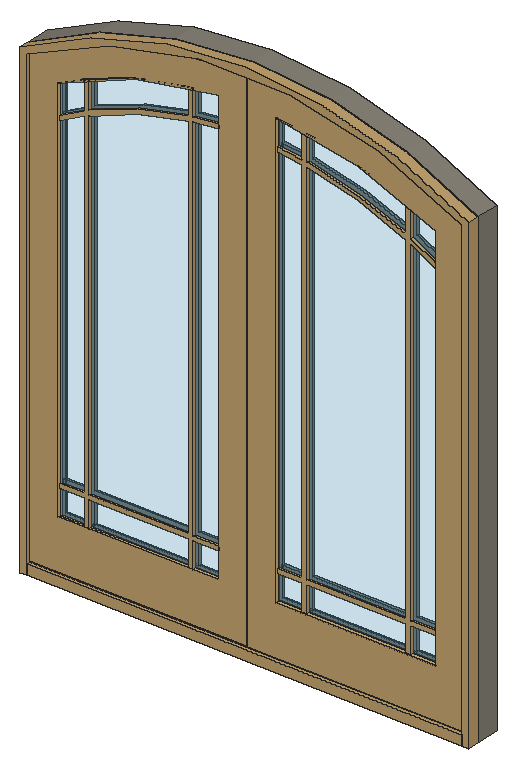
Revit family "Door-Entry-Marvin-Inswing_2_Panel_French_Door_Arch_Top-Ultimate", category Doors, host Wall, Revit 2015
Parameters (values of type "UIFDAT6070")
  t_calc = sqrt(Radius ^ 2 - Width ^ 2 / 4)  # 5' - 2.17236"
  t2_calc = sqrt(DLO Radius ^ 2 - (Width - 0' 11 7/8") ^ 2 / 4)  # 4' - 10.66526"
  h_calc = Radius - t_calc  # 0' - 9.82764"
  h2_calc = DLO Radius - t2_calc  # 0' - 7.39724"
  URL = "www.marvin.com"
  Thickness = 0' - 1 3/4"
  Sill Material = Fiberglass_Pultrusion-Marvin-Beige
  Rough Width = Width + 0' 1"  # 6' - 1 5/8"
  Rough Height = Height + 0' 0 1/2"  # 7' - 2 1/2"
  Radius = 6' - 0"
  RO Radius = Radius + 0' 0 1/2"  # 6' - 0 1/2"
  Prairie Corner Width = 0' - 4"
  Prairie Corner Height = 0' - 4"
  Plan Swing Angle [instance] = 90.00°
  Panel Width = (Width - 0' 2 1/2") / 2  # 2' - 11 1/16"
  Nominal Width = 6' - 0"
  Nominal Height = 7' - 0"
  Muntins Interior Visibility = yes
  Muntins Interior Material = Wood-Marvin-Pine
  Muntins Exterior Visibility = yes
  Muntins Exterior Material = Aluminum-Marvin-Bronze
  Model = "UIFDAT6070"
  Mask Offset [instance] = if(Inset to Installation Flange = 0' 1 3/32", 0' 0 1/32", 0' 0")  # 0' - 0"
  Mask [instance] = Inset to Installation Flange > 0' 1 3/32"  # no
  Manufacturer = "Marvin Windows and Doors"
  Lites Wide = 3
  Lites High = 5
  Lite Cut Prairie 9 = yes
  Lite Cut HV Grid = not(Lite Cut Prairie 9)  # no
  Label Visibility = no
  Jamb Extension Visibility = no
  Interior Material = Wood-Marvin-Pine
  Inset to Installation Flange [instance] = 0' - 1"
  Height = if(Nominal Height = 6' 6", Nominal Height + 0' 1 1/2", if(Nominal Height = 8' 0", Nominal Height - 0' 0 1/2", Nominal Height + 0' 2"))  # 7' - 2"
  Wall Closure = By host
  Width = Nominal Width + 0' 0 5/8"  # 6' - 0 5/8"
  Glazing Material = Glass-Marvin-IG Low E II with Argon
  Glass Type = "IG Low E II with Argon"
  Function = Exterior
  Frame = "Aluminum Clad"
  FS Springline = Height - h_calc  # 6' - 4.17236"
  Door Type = "Ultimate Inswing French Door Arch Top"
  Design Pressure = "DP40"
  Description = "7284 AT FR DOOR"
  Daylight Area_calc = ((DLO Radius ^ 2) * ((3.1416 / 180) * Angle_calc2 - sin(Angle_calc))) / 2  # 2.10493 SF
  Daylight Area = (Daylight Area_calc - (h2_calc * 0' 9 5/8")) + ((DLO Width * (DLO Height - h2_calc)) * 2)  # 23.9083 SF
  DLO Width = (Width - 1' 9 7/16") / 2  # 2' - 1 19/32"
  DLO Radius = Radius - 0' 5 15/16"  # 5' - 6 1/16"
  DLO Height = Height - 1' 3 7/8"  # 5' - 10 1/8"
  Cladding Material = Aluminum-Marvin-Bronze
  Assembly Code = ""
  Angle_calc2 = (Angle_calc / 1.00°)  # 54.7474
  Angle_calc = 2 * (atan(((Width - 0' 11 7/8") / 2) / t2_calc))  # 54.7474°
Reference planes (in)
  plane 1 "Center (Front/Back)": y = 0
  plane 2 "Center (Left/Right)": x = 0
  plane 3 "Left": x = -36.3125
  plane 4 "Right": x = 36.3125
  plane 5 "Top": z = 86
  plane 6 "Exterior": y = 3
  plane 7 "Interior": y = -3
  plane 8 "Inset": y = 2
  plane 9 "Glazing": y = -0.71875
  plane 10: x = -30.375
  plane 11: x = 30.375
  plane 12: z = 80.0625
  plane 13: z = 9.96875
  plane 14 "Jamb Ext Face": y = -2.5625
  plane 15: x = -0.0625
  plane 16: x = 0.0625
  plane 17: x = 4.8125
  plane 18: x = -4.8125
  plane 19: x = -17.59375
  plane 20: x = 17.59375
  plane 21: z = 76.17236
  plane 22: y = -2.59375
Forms (in)
  Sweep 1, solid, material "Aluminum-Marvin-Bronze" <- "Cladding Material"
    path origin (0, -0.71875, 0) x (1, 0, 0) y (0, 0, 1)
      loop
        line (-1.125, 4.03125) -> (36.3125, 4.03125) -> (36.3125, 76.17236)
        arc (36.3125, 76.17236) -> (18.26588, 83.64451) -> (-1.125, 85.99121) r 72
        line (-1.125, 85.99121) -> (-1.125, 4.03125)
    profile "Clad_Panel : Clad_Panel" origin (-1.125, -0.71875, 45.01123) x (-1, 0, 0) y (0, -1, 0)
      loop
        line (-1.1875, 0) -> (-5.9375, 0) -> (-5.9375, -0.05719) -> (-5.72946, -0.26523) -> (-5.72946, -0.4375) -> (-1.1875, -0.4375) -> (-1.1875, 0)
  Sweep 2, solid, material "Wood-Marvin-Pine" <- "Interior Material"
    path origin (0, -0.71875, 0) x (1, 0, 0) y (0, 0, 1)
      loop
        line (-1.125, 85.99121) -> (-1.125, 4.03125) -> (36.3125, 4.03125) -> (36.3125, 76.17236)
        arc (36.3125, 76.17236) -> (18.26588, 83.64451) -> (-1.125, 85.99121) r 72
    profile "Int_Panel : Int_Panel" origin (-1.125, -0.71875, 45.01123) x (1, 0, 0) y (0, -1, 0)
      loop
        line (1.1875, 1.3125) -> (1.1875, 0) -> (5.21266, 0) -> (5.21266, 0.82511) -> (5.9375, 0.82511) -> (5.9375, 0.97108) -> (5.74041, 1.3125) -> (1.1875, 1.3125)
  Sweep 3, solid, material "Aluminum-Marvin-Bronze" <- "Cladding Material"
    path origin (0, -0.71875, 0) x (1, 0, 0) y (0, 0, 1)
      loop
        line (-36.3125, 0) -> (-36.3125, 76.17236)
        arc (-36.3125, 76.17236) -> (0, 86) -> (36.3125, 76.17236) r 72
        line (36.3125, 76.17236) -> (36.3125, 0)
    profile "Clad_Frame : Clad_Frame" origin (-36.3125, -0.71875, 38.08618) x (-1, 0, 0) y (0, -1, 0)
      loop
        line (0, -3.8125) -> (0, 0) -> (-1.06374, 0) -> (-1.06374, -0.53244) -> (-1.77792, -0.53244)
        arc (-1.77792, -0.53244) -> (-1.63018, -1.76415) -> (-1.51551, -2.99937) r 46.27589
        line (-1.51551, -2.99937) -> (-0.93767, -2.99937) -> (-0.93767, -3.10585) -> (-0.67848, -3.10585) -> (-0.67848, -3.8125) -> (0, -3.8125)
  Sweep 4, solid, material "Wood-Marvin-Pine" <- "Interior Material"
    path origin (0, -0.71875, 0) x (1, 0, 0) y (0, 0, 1)
      loop
        line (-36.3125, 0) -> (-36.3125, 76.17236)
        arc (-36.3125, 76.17236) -> (0, 86) -> (36.3125, 76.17236) r 72
        line (36.3125, 76.17236) -> (36.3125, 0)
    profile "Int_Frame : Int_Frame" origin (-36.3125, -0.71875, 38.08618) x (-1, 0, 0) y (0, -1, 0)
      loop
        line (0, 0) -> (0, 1.84375) -> (-1.06374, 1.84375) -> (-1.06374, 0) -> (0, 0)
  Sweep 5, solid, material "Fiberglass_Pultrusion-Marvin-Beige" <- "Sill Material"
    path origin (0, 2, 0) x (1, 0, 0) y (0, 0, 1)
      loop
        line (35.63402, 0) -> (-35.63402, 0)
    profile "Sill : Sill" origin (0, 2, 0) x (0, 0, -1) y (0, -1, 0)
      loop
        line (-0.45122, -1.09375) -> (0, -1.09375) -> (0, 3.9375) -> (-1.61915, 3.9375) -> (-1.61915, 1.78125) -> (-0.75338, 1.78125) -> (-0.45122, -1.09375)
  Extrusion 6, solid, material "Aluminum-Marvin-Bronze" <- "Cladding Material"
    sketch origin (0, 0, 0) x (0, 1, 0) y (0, 0, 1)
      loop
        line (-0.28125, 5.21875) -> (-0.71875, 5.21875) -> (-0.71875, 1.8125) -> (-0.28125, 1.8125) -> (-0.28125, 5.21875)
    from 0.0625 to 35.125
  Extrusion 7, solid, material "Wood-Marvin-Pine" <- "Interior Material"
    sketch origin (0, 0, 0) x (0, 1, 0) y (0, 0, 1)
      loop
        line (-0.71875, 5.21875) -> (-2.03125, 5.21875) -> (-2.03125, 1.8125) -> (-0.71875, 1.8125) -> (-0.71875, 5.21875)
    from 0.0625 to 35.125
  Extrusion 8, solid, material "Wood-Marvin-Pine" <- "Interior Material", visible <- "Jamb Extension Visibility", detail levels medium+fine
    sketch origin (0, -2.5625, 0) x (1, 0, 0) y (0, 0, 1)
      loop
        line (-36.3125, 0) -> (-35.625, 0) -> (-35.625, 75.77601)
        arc (-35.625, 75.77601) -> (0, 85.3121) -> (35.625, 75.77601) r 71.3121
        line (35.625, 75.77601) -> (35.625, 0) -> (36.3125, 0) -> (36.3125, 76.17236)
        arc (36.3125, 76.17236) -> (0, 86) -> (-36.3125, 76.17236) r 72
        line (-36.3125, 76.17236) -> (-36.3125, 0)
    from 0.03125 to 0.4375
  Extrusion 9, solid, material "Glass-Marvin-IG Low E II with Argon" <- "Glazing Material"
    sketch origin (0, -0.71875, 0) x (1, 0, 0) y (0, 0, 1)
      loop
        line (31, 9.34375) -> (31, 73.15698)
        arc (31, 73.15698) -> (17.98885, 78.31912) -> (4.1875, 80.65593) r 66.78734
        line (4.1875, 80.65593) -> (4.1875, 9.34375) -> (31, 9.34375)
      loop
        line (-4.1875, 9.34375) -> (-4.1875, 80.65593)
        arc (-4.1875, 80.65593) -> (-17.98885, 78.31912) -> (-31, 73.15698) r 66.78734
        line (-31, 73.15698) -> (-31, 9.34375) -> (-4.1875, 9.34375)
    from 0 to 0.125
  Extrusion 10, solid, material "Glass-Marvin-IG Low E II with Argon" <- "Glazing Material"
    sketch origin (0, -0.71875, 0) x (1, 0, 0) y (0, 0, 1)
      loop
        line (31, 9.34375) -> (31, 73.15698)
        arc (31, 73.15698) -> (17.98885, 78.31912) -> (4.1875, 80.65593) r 66.78734
        line (4.1875, 80.65593) -> (4.1875, 9.34375) -> (31, 9.34375)
      loop
        line (-31, 9.34375) -> (-4.1875, 9.34375) -> (-4.1875, 80.65593)
        arc (-4.1875, 80.65593) -> (-17.98885, 78.31912) -> (-31, 73.15698) r 66.78734
        line (-31, 73.15698) -> (-31, 9.34375)
    from 0.65625 to 0.78125
  Extrusion 11, solid, material "Wood-Marvin-Pine" <- "Interior Material"
    sketch origin (0, 0, 0) x (0, 1, 0) y (0, 0, 1)
      loop
        line (-1.9375, 1.625) -> (-2.5625, 1.625) -> (-2.5625, 0) -> (-1.9375, 0) -> (-1.9375, 1.625)
    from -35.24876 to 35.24876
  Sweep 12, solid, material "Aluminum-Marvin-Bronze" <- "Cladding Material"
    path origin (0, -0.71875, 0) x (-1, 0, 0) y (0, 0, 1)
      loop
        line (-1.125, 4.03125) -> (36.3125, 4.03125) -> (36.3125, 76.17236)
        arc (36.3125, 76.17236) -> (18.26588, 83.64451) -> (-1.125, 85.99121) r 72
        line (-1.125, 85.99121) -> (-1.125, 4.03125)
    profile "Clad_Panel : Clad_Panel" origin (1.125, -0.71875, 45.01123) x (-1, 0, 0) y (0, -1, 0)
      loop
        line (1.1875, 0) -> (1.1875, -0.4375) -> (5.72946, -0.4375) -> (5.72946, -0.26523) -> (5.9375, -0.05719) -> (5.9375, 0) -> (1.1875, 0)
  Sweep 13, solid, material "Wood-Marvin-Pine" <- "Interior Material"
    path origin (0, -0.71875, 0) x (-1, 0, 0) y (0, 0, 1)
      loop
        line (-1.125, 85.99121) -> (-1.125, 4.03125) -> (36.3125, 4.03125) -> (36.3125, 76.17236)
        arc (36.3125, 76.17236) -> (18.26588, 83.64451) -> (-1.125, 85.99121) r 72
    profile "Int_Panel : Int_Panel" origin (1.125, -0.71875, 45.01123) x (1, 0, 0) y (0, -1, 0)
      loop
        line (-1.1875, 1.3125) -> (-5.74041, 1.3125) -> (-5.9375, 0.97108) -> (-5.9375, 0.82511) -> (-5.21266, 0.82511) -> (-5.21266, 0) -> (-1.1875, 0) -> (-1.1875, 1.3125)
  Extrusion 14, solid, material "Wood-Marvin-Pine" <- "Interior Material"
    sketch origin (0, 0, 0) x (0, 1, 0) y (0, 0, -1)
      loop
        line (-0.71875, -5.21875) -> (-0.71875, -1.8125) -> (-2.03125, -1.8125) -> (-2.03125, -5.21875) -> (-0.71875, -5.21875)
    from 0.0625 to 35.125
  Extrusion 15, solid, material "Aluminum-Marvin-Bronze" <- "Cladding Material"
    sketch origin (0.125, 0, 0) x (0, 1, 0) y (0, 0, -1)
      loop
        line (-0.28125, -5.21875) -> (-0.28125, -1.8125) -> (-0.71875, -1.8125) -> (-0.71875, -5.21875) -> (-0.28125, -5.21875)
    from 0.1875 to 35.25
  Sweep 16, solid, material "Aluminum-Marvin-Bronze" <- "Cladding Material"
    path in 3D
      loop
        line (-0.0625, -0.28125, 1.8125) -> (-0.0625, -0.28125, 84.81247)
    profile "Mtg_Stile : Mtg_Stile" origin (-0.0625, -0.28125, 43.31249) x (0, -1, 0) y (1, 0, 0)
      loop
        line (0, 0.71385) -> (-0.9637, 0.61256) -> (-1.13979, 0.37874) -> (-1.594, 0.25704) -> (-1.594, -0.62233) -> (-1.15549, -0.73983) -> (-0.9773, -0.97643) -> (0, -1.07915) -> (0, 0.71385)
Cuts and joins
  joined: Sweep 1, Extrusion 6
  joined: Sweep 2, Extrusion 7
  joined: Sweep 13, Extrusion 14
  joined: Sweep 12, Extrusion 15
Lines and regions (in)
  Opening 1
    outline origin (-90, -3, 0) x (1, 0, 0) y (0, 0, 1)
      loop
        line (53.6875, 0) -> (126.3125, 0) -> (126.3125, 76.17236)
        arc (126.3125, 76.17236) -> (90, 86) -> (53.6875, 76.17236) r 72
        line (53.6875, 76.17236) -> (53.6875, 0)
  Masking region 1
    outline origin (0, 0, 0) x (0, 1, 0) y (0, 0, 1)
      loop
        line (3.09375, 86) -> (-2.5625, 86) -> (-2.5625, 0) -> (3.09375, 0) -> (3.09375, 86)
  Masking region 2, visible <- "Mask"
    outline origin (0, 0, 0) x (0, 1, 0) y (0, 0, 1)
      loop
        line (3.09375, 86) -> (3, 86) -> (3, 0) -> (3.09375, 0) -> (3.09375, 86)
  Masking region 3, visible <- "Jamb Extension Visibility"
    outline origin (0, 0, 0) x (1, 0, 0) y (0, 1, 0)
      loop
        line (-36.3125, -2.59375) -> (-36.3125, -3) -> (-35.625, -3) -> (-35.625, -2.59375) -> (-36.3125, -2.59375)
      loop
        line (36.3125, -2.59375) -> (35.625, -2.59375) -> (35.625, -3) -> (36.3125, -3) -> (36.3125, -2.59375)
  Masking region 4
    outline origin (0, 0, 0) x (0, 1, 0) y (0, 0, 1)
      loop
        line (-2.59375, 86) -> (-3, 86) -> (-3, 0) -> (-2.59375, 0) -> (-2.59375, 86)
  symbolic lines, style "DoorsFrameMullionProjection", visible <- "Jamb Extension Visibility", detail levels coarse+medium
    curve 1: line (-36.3125, -3, 0) -> (-35.625, -3, 0)
    curve 2: line (-35.625, -3, 0) -> (-35.625, -2.59375, 0)
    curve 3: line (36.3125, -3, 0) -> (35.625, -3, 0)
    curve 4: line (35.625, -3, 0) -> (35.625, -2.59375, 0)
    curve 7: line (0, -2.59375, 85.3125) -> (0, -3, 85.3125)
    curve 8: line (0, -3, 85.3125) -> (0, -3, 86)
  symbolic lines, style "Jamb Extension", visible <- "Jamb Extension Visibility", detail levels fine
    curve 5: line (0, -2.59375, 85.3125) -> (0, -3, 85.3125)
    curve 6: line (0, -3, 85.3125) -> (0, -3, 86)
  symbolic lines, style "DoorsFrameMullionProjection", detail levels coarse+medium
    curve 9: line (0, 3.09375, 86) -> (0, 3.09375, 84.93626)
    curve 10: line (0, 3.09375, 84.93626) -> (0, -2.5625, 84.93626)
    curve 11: line (0, -2.5625, 84.93626) -> (0, -2.5625, 86)
    curve 20: line (0, -0.28125, 80.0625) -> (0, -0.28125, 9.96875)
    curve 21: line (0, -2.03125, 80.0625) -> (0, -2.03125, 9.96875)
    curve 24: line (0, 3.09375, 0.45122) -> (0, 0.21875, 0.75338)
    curve 25: line (0, 0.21875, 1.625) -> (0, 0.21875, 0.75338)
    curve 26: line (0, 0.21875, 1.625) -> (0, -2.56948, 1.625)
    curve 27: line (0, -2.56948, 0) -> (0, -2.56948, 1.625)
    curve 28: line (0, 3.09375, 0) -> (0, 3.09375, 0.45122)
    curve 29: line (0, 3.09375, 0) -> (0, -2.56948, 0)
  symbolic lines, style "DoorsPanelProjection", detail levels coarse+medium
    curve 12: line (0, -0.28125, 80.0625) -> (0, -0.28125, 84.93626)
    curve 13: line (0, -2.03125, 80.0625) -> (0, -0.28125, 80.0625)
    curve 14: line (0, -2.03125, 84.93626) -> (0, -2.03125, 80.0625)
    curve 15: line (0, -0.28125, 9.96875) -> (0, -2.03125, 9.96875)
    curve 16: line (0, -0.28125, 1.8125) -> (0, -0.28125, 9.96875)
    curve 17: line (0, -2.03125, 1.8125) -> (0, -0.28125, 1.8125)
    curve 18: line (0, -2.03125, 9.96875) -> (0, -2.03125, 1.8125)
  symbolic lines, style "DoorsGlassProjection", detail levels coarse+medium
    curve 19: line (0, -1.15625, 9.96875) -> (0, -1.15625, 80.0625)
  symbolic lines, style "Elevation Swing"
    curve 22: line (0, -0.71875, 1.73908) -> (35.125, -0.71875, 43)
    curve 23: line (35.125, -0.71875, 43) -> (0, -0.71875, 84.90841)
    curve 30: line (0, -0.71875, 1.73908) -> (-35.125, -0.71875, 43)
    curve 31: line (-35.125, -0.71875, 43) -> (0, -0.71875, 84.90841)
  sketch lines
    curve 32: line (-0.0625, -0.28125, 1.8125) -> (-0.0625, -0.28125, 84.81247)
  reference lines
    curve 33: arc (36.3125, 3, 76.17236) -> (0, 3, 86) -> (-36.3125, 3, 76.17236) r 72
Text (in)
  text "Exterior" at (-74.96733, 27.31104, 0), in view "Ref. Level"
  text "Interior" at (-74.96733, -25.14366, 0), in view "Ref. Level"
  text "Exterior" at (0, 40.15149, 123.01588), in view "Right"
  text "Interior" at (0, -64.39139, 123.01588), in view "Right"
  text "Interior" at (0, -31.01599, 123.00693), in view "Left"
  text "Exterior" at (0, 54.57065, 123.00693), in view "Left"
Dimensions and locks (in)
  equal spacing: plane 3 "Left", plane 2 "Center (Left/Right)", plane 4 "Right"
  "Height": level to plane 5 "Top"
  "Width": plane 3 "Left" to plane 4 "Right"
  locked: plane 11 to plane 4 "Right" at 5.9375
  locked: plane 3 "Left" to plane 10 at 5.9375
  locked: plane 12 to plane 5 "Top" at 5.9375
  locked: level to plane 13 at 9.96875
  locked: Extrusion 6 sketch curve to Sweep 1 at 3.40625
  locked: Extrusion 7 sketch curve to Sweep 2 at 3.40625
  locked: Extrusion 8 sketch curve to plane 4 "Right" at 0.6875
  locked: plane 3 "Left" to Extrusion 8 sketch curve at 0.6875
  locked: Extrusion 9 sketch curve to plane 13 at 0.625
  locked: plane 11 to Extrusion 9 sketch curve at 0.625
  locked: Extrusion 10 sketch curve to plane 13 at 0.625
  locked: plane 11 to Extrusion 10 sketch curve at 0.625
  locked: plane 9 "Glazing" to Extrusion 9 at 0.125
  locked: plane 9 "Glazing" to Extrusion 10 at 0.78125
  locked: plane 9 "Glazing" to Extrusion 10 at 0.65625
  locked: Extrusion 10 to Extrusion 10 at 0.125
  "Inset to Installation Flange": host wall to plane 8 "Inset"
  locked: plane 9 "Glazing" to plane 8 "Inset" at 2.71875
  locked: plane 14 "Jamb Ext Face" to plane 8 "Inset" at 4.5625
  locked: nested 2 to host wall at 12
  locked: Extrusion 11 sketch curve to level at 1.625
  plane 15 to plane 2 "Center (Left/Right)" to plane 16 = 0' - 0 1/16", 0' - 0 1/16"
  locked: plane 17 to plane 16 at 4.75
  locked: plane 15 to plane 18 at 4.75
  locked: plane 17 to Extrusion 9 sketch curve at 0.625
  locked: plane 17 to Extrusion 10 sketch curve at 0.625
  equal spacing: plane 18, plane 19, plane 10
  equal spacing: plane 17, plane 20, plane 11
  equal spacing: level, curve 23, plane 5 "Top"
  locked: Extrusion 14 sketch curve to Extrusion 14 sketch curve at 3.40625
  locked: Extrusion 15 sketch curve to Extrusion 15 sketch curve at 3.40625
  locked: Extrusion 10 sketch curve to plane 18 at 0.625
  locked: Extrusion 10 sketch curve to plane 10 at 0.625
  locked: Extrusion 9 sketch curve to plane 18 at 0.625
  locked: Extrusion 9 sketch curve to plane 10 at 0.625
  equal spacing: level, curve 31, plane 5 "Top"
  "FS Springline": level to plane 21
  locked: Sweep 1 sketch curve to plane 13 at 5.9375
  locked: plane 17 to Sweep 1 sketch curve at 5.9375
  locked: Sweep 12 sketch curve to plane 13 at 5.9375
  locked: Sweep 12 sketch curve to plane 18 at 5.9375
  locked: Sweep 2 sketch curve to plane 13 at 5.9375
  locked: plane 17 to Sweep 2 sketch curve at 5.9375
  locked: Sweep 13 sketch curve to plane 18 at 5.9375
  locked: Sweep 13 sketch curve to plane 13 at 5.9375
  locked: nested 5 to plane 9 "Glazing" at 0.8125
  locked: nested 4 to plane 9 "Glazing" at 0.8125
  locked: curve 7 to plane 5 "Top" at 0.6875
  "Mask Offset": Masking region 2 sketch curve to host wall
  locked: plane 22 to plane 14 "Jamb Ext Face" at 0.03125
  "Radius": radius of curve 33
  aligned and locked: plane 3 "Left" to Opening 1 sketch curve
  aligned and locked: Opening 1 sketch curve to plane 4 "Right"
  aligned and locked: Opening 1 sketch curve to level
  aligned and locked: plane 6 "Exterior" to host wall
  aligned and locked: plane 7 "Interior" to host wall
  aligned and locked: plane 3 "Left" to Sweep 3 sketch curve
  aligned and locked: level to Sweep 3 sketch curve  (x2)
  aligned and locked: Sweep 3 sketch curve to plane 4 "Right"
  aligned and locked: plane 3 "Left" to Sweep 4 sketch curve
  aligned and locked: level to Sweep 4 sketch curve  (x2)
  aligned and locked: Sweep 4 sketch curve to plane 4 "Right"
  aligned and locked: level to nested 1
  aligned and locked: nested 1 to plane 8 "Inset"
  aligned and locked: Sweep 5 sketch curve to level
  aligned and locked: Extrusion 6 sketch curve to Sweep 1  (x2)
  aligned and locked: Extrusion 6 sketch curve to plane 9 "Glazing"
  aligned and locked: Sweep 1 to Extrusion 6
  aligned and locked: Extrusion 6 to Sweep 1
  aligned and locked: Sweep 2 to Extrusion 7 sketch curve
  aligned and locked: plane 9 "Glazing" to Extrusion 7 sketch curve
  aligned and locked: Extrusion 7 sketch curve to Sweep 2
  aligned and locked: Sweep 2 to Extrusion 7
  aligned and locked: Extrusion 7 to Sweep 2
  aligned and locked: Extrusion 8 sketch curve to plane 3 "Left"
  aligned and locked: plane 4 "Right" to Extrusion 8 sketch curve
  aligned and locked: level to Extrusion 8 sketch curve  (x2)
  aligned and locked: Sweep 3 to Extrusion 8 sketch curve
  aligned and locked: host wall to Extrusion 8
  aligned and locked: Extrusion 9 to plane 9 "Glazing"
  aligned and locked: plane 3 "Left" to curve 1
  aligned and locked: curve 1 to Extrusion 8
  aligned and locked: plane 4 "Right" to curve 3
  aligned and locked: curve 4 to Extrusion 8
  aligned and locked: curve 3 to Extrusion 8
  aligned and locked: Extrusion 8 to curve 6
  aligned and locked: plane 5 "Top" to curve 8
  aligned and locked: plane 14 "Jamb Ext Face" to curve 11
  aligned and locked: curve 13 to plane 12
  aligned and locked: curve 14 to cut or joined group of Sweep 2, Extrusion 7
  aligned and locked: curve 12 to cut or joined group of Sweep 1, Extrusion 6
  aligned and locked: curve 15 to plane 13
  aligned and locked: curve 18 to cut or joined group of Sweep 2, Extrusion 7
  aligned and locked: curve 16 to cut or joined group of Sweep 1, Extrusion 6
  aligned and locked: curve 13 to curve 19
  aligned and locked: curve 15 to curve 19
  aligned and locked: plane 5 "Top" to Masking region 1 sketch curve
  aligned and locked: level to Masking region 1 sketch curve
  aligned and locked: level to Masking region 2 sketch curve
  aligned and locked: plane 5 "Top" to Masking region 2 sketch curve
  aligned and locked: curve 21 to cut or joined group of Sweep 2, Extrusion 7
  aligned and locked: cut or joined group of Sweep 1, Extrusion 6 to curve 22
  aligned and locked: plane 2 "Center (Left/Right)" to nested 2
  aligned and locked: level to Extrusion 11 sketch curve
  aligned and locked: Extrusion 11 sketch curve to plane 14 "Jamb Ext Face"
  aligned and locked: curve 17 to cut or joined group of Sweep 2, Extrusion 7
  aligned and locked: curve 24 to Sweep 5
  aligned and locked: curve 25 to nested 1
  aligned and locked: curve 27 to nested 1
  aligned and locked: curve 28 to Sweep 5
  aligned and locked: Extrusion 14 sketch curve to Sweep 13  (x2)
  aligned and locked: plane 9 "Glazing" to Extrusion 14 sketch curve
  aligned and locked: Extrusion 14 to Sweep 13
  aligned and locked: Sweep 13 to Extrusion 14
  aligned and locked: Extrusion 15 sketch curve to Sweep 12  (x2)
  aligned and locked: Extrusion 15 sketch curve to plane 9 "Glazing"
  aligned and locked: cut or joined group of Sweep 13, Extrusion 14 to Extrusion 15
  aligned and locked: Extrusion 15 to Sweep 12
  aligned and locked: Extrusion 10 sketch curve to Extrusion 10 sketch curve
  aligned and locked: Extrusion 9 sketch curve to Extrusion 9 sketch curve
  aligned and locked: nested 3 to plane 8 "Inset"
  aligned and locked: Masking region 1 sketch curve to Sweep 3
  aligned and locked: Masking region 2 sketch curve to Sweep 3
  aligned and locked: Extrusion 11 sketch curve to Sweep 5
  aligned and locked: curve 9 to Sweep 3
  aligned and locked: Sweep 5 sketch curve to Sweep 3
  aligned and locked: Sweep 3 to Sweep 5 sketch curve
  aligned and locked: Extrusion 11 to Sweep 4  (x2)
  aligned and locked: plane 21 to curve 33  (x2)
  aligned and locked: plane 3 "Left" to curve 33
  aligned and locked: Opening 1 sketch curve to curve 33
  aligned and locked: Sweep 3 sketch curve to host wall
  aligned and locked: Sweep 1 sketch curve to plane 4 "Right"
  aligned and locked: Sweep 1 sketch curve to host wall
  aligned and locked: Sweep 12 sketch curve to plane 3 "Left"
  aligned and locked: Sweep 12 sketch curve to host wall
  aligned and locked: plane 4 "Right" to Sweep 2 sketch curve
  aligned and locked: Sweep 2 sketch curve to host wall
  aligned and locked: plane 3 "Left" to Sweep 13 sketch curve
  aligned and locked: Sweep 13 sketch curve to host wall
  aligned and locked: Extrusion 10 sketch curve to Extrusion 9  (x2)
  aligned and locked: Extrusion 8 sketch curve to host wall
  aligned and locked: Sweep 4 sketch curve to host wall
  aligned and locked: Extrusion 9 sketch curve to cut or joined group of Sweep 2, Extrusion 7
  aligned and locked: Extrusion 9 sketch curve to cut or joined group of Sweep 13, Extrusion 14
  aligned and locked: plane 19 to nested 4
  aligned and locked: nested 5 to plane 20
  aligned and locked: nested 4 to plane 13
  aligned and locked: plane 13 to nested 5
  aligned and locked: plane 20 to nested 6
  aligned and locked: nested 7 to plane 19
  aligned and locked: nested 6 to plane 13
  aligned and locked: plane 13 to nested 7
  aligned and locked: plane 9 "Glazing" to nested 7
  aligned and locked: nested 6 to plane 9 "Glazing"
  aligned and locked: curve 10 to nested 1
  aligned and locked: curve 5 to curve 7
  aligned and locked: nested 3 to plane 2 "Center (Left/Right)"
  aligned and locked: Extrusion 8 to curve 2
  aligned and locked: plane 22 to Masking region 3 sketch curve
  aligned and locked: Masking region 3 sketch curve to plane 3 "Left"
  aligned and locked: Masking region 3 sketch curve to host wall
  aligned and locked: Masking region 3 sketch curve to Extrusion 8  (x2)
  aligned and locked: Masking region 3 sketch curve to plane 22
  aligned and locked: Masking region 3 sketch curve to plane 4 "Right"
  aligned and locked: host wall to Masking region 3 sketch curve
  aligned and locked: Extrusion 8 to curve 4
  aligned and locked: Extrusion 8 to curve 7
  aligned and locked: Extrusion 8 to curve 5
  aligned and locked: Extrusion 8 to plane 22
  aligned and locked: Masking region 1 sketch curve to plane 14 "Jamb Ext Face"
  aligned and locked: plane 5 "Top" to Masking region 4 sketch curve
  aligned and locked: level to Masking region 4 sketch curve
  aligned and locked: plane 22 to Masking region 4 sketch curve
  aligned and locked: Masking region 4 sketch curve to host wall
Automatic sketch dimensions
  curve 23 to plane 2 "Center (Left/Right)" = 0' - 0"
  curve 30 to plane 3 "Left" = 0' - 1 3/16"
  level to curve 22 = 0' - 1.73908"
  plane 5 "Top" to curve 31 = 0' - 1.09159"
  curve 30 to plane 2 "Center (Left/Right)" = 0' - 0"
  Extrusion 8 sketch curve to Extrusion 8 sketch curve = 0' - 0"  (x2)
  Extrusion 8 sketch curve to plane 21 = 0' - 0.39635"
  curve 1 to curve 2 = 0' - 0 11/16"
  curve 29 to level = 0' - 0"
  curve 11 to plane 5 "Top" = 0' - 0"
  plane 9 "Glazing" to curve 19 = 0' - 0 7/16"
  curve 26 to curve 16 = 0' - 0 3/16"
  curve 9 to plane 5 "Top" = 0' - 0"
  curve 33 to plane 2 "Center (Left/Right)" = 0' - 0"
Nested families (in)
  nested 1: "Door_Section_Detail" at (0, 2, 0) x (0, -1, 0) z (1, 0, 0), type "Door_Section_Detail", detail levels fine
  nested 2: "Label Annotation 1-16 w5" at (0, 15, 0), visible <- "Label Visibility", type "Label Annotation 1-16 w5"
  nested 3: "Door_Plan_Detail" at (-54.25, -1.9375, 0) x (-1, 0, 0) z (0, 0, 1), type "Door_Plan_Detail"
  nested 4: "Muntins" at (-17.59375, -1.53125, -26.03125), Muntin Material <- "Muntins Interior Material", visible <- "Muntins Interior Visibility", type "Muntins"
    with Muntin Material Wood-Marvin-Pine
  nested 5: "Muntins" at (17.59375, -1.53125, -26.03125) x (-1, 0, 0) z (0, 0, 1), Muntin Material <- "Muntins Interior Material", visible <- "Muntins Interior Visibility", type "Muntins"
    with Muntin Material Wood-Marvin-Pine
  nested 6: "Muntins" at (17.59375, -0.71875, -26.03125) x (-1, 0, 0) z (0, 0, 1), visible <- "Muntins Exterior Visibility", Muntin Material <- "Muntins Exterior Material", type "Muntins"
    with Muntin Material Aluminum-Marvin-Bronze
  nested 7: "Muntins" at (-17.59375, -0.71875, -26.03125), visible <- "Muntins Exterior Visibility", Muntin Material <- "Muntins Exterior Material", type "Muntins"
    with Muntin Material Aluminum-Marvin-Bronze
Definition of nested family "Muntins"
  Parameters (values of type "Muntins")
    Radius4 = DLO Radius - Prairie Corner Height - MuntinWidth - 0' 0 1/32"  # 5' - 1 9/32"
    Radius3 = DLO Radius - Prairie Corner Height - (MuntinWidth / 2) - 0' 0 1/32"  # 5' - 1 21/32"
    Radius2 = DLO Radius - Prairie Corner Height - 0' 0 1/32"  # 5' - 2 1/32"
    Radius = DLO Radius + (Muntin Extension / 2)  # 5' - 6 9/32"
    PrairieMuntVisible = yes
    Prairie Corner Width = 0' - 4"
    Prairie Corner Height = 0' - 4"
    Muntin Extension = 0' - 0 7/16"
    GridMuntVisible = no
    GlazingWidth = 2' - 1 19/32"
    GlazingHeight = 5' - 10 1/8"
    Width = GlazingWidth + Muntin Extension  # 2' - 2 1/32"
    VerticalMuntins = if(LitesHorizontal < 3, 2, LitesHorizontal - 1)  # 2
    VertMuntVisible = and(GridMuntVisible, LitesHorizontal > 2)  # no
    MuntinWidth = 0' - 0 3/4"
    MuntinDepth [instance] = 0' - 0 3/8"
    Muntin Material [instance] = none
    LitesVertical = 5
    LitesHorizontal = 3
    HorizontalMuntins = if(LitesVertical < 3, 2, LitesVertical - 1)  # 4
    HorizMuntVisible = and(GridMuntVisible, LitesVertical > 2)  # no
    Height = GlazingHeight + Muntin Extension  # 5' - 10 9/16"
    Inset Vert = if(LitesHorizontal < 3, (Width / 3) - (MuntinWidth / 2), (Width / LitesHorizontal) - (MuntinWidth / 2))  # 0' - 8.30208"
    Inset Horiz = if(LitesVertical < 3, (Height / 3) - (MuntinWidth / 2), (Height / LitesVertical) - (MuntinWidth / 2))  # 1' - 1.7375"
    DLO Radius = 5' - 6 1/16"
    CenterMuntinVertical = and(GridMuntVisible, LitesHorizontal = 2)  # no
    CenterMuntinHorizontal = and(GridMuntVisible, LitesVertical = 2)  # no
    Assembly Code = ""
  Reference planes (in)
    plane 1 "Center (Front/Back)": y = 0
    plane 2: z = 0
    plane 3 "Center (Left/Right)": x = 0
    plane 4: z = 35.78125
    plane 5: z = 71.0625
    plane 6: z = 106.34375
    plane 7: z = 92.60625
    plane 8: z = 49.51875
    plane 9: z = 106.125
    plane 10: z = 36
    plane 11: x = -12.79687
    plane 12: x = 12.79688
    plane 13: x = -4.71354
    plane 14: x = -13.01562
    plane 15: x = 13.01563
    plane 16: x = 4.71354
    plane 17: z = 102.125
    plane 18: z = 40
    plane 19: x = -8.79687
    plane 20: x = 8.79688
    plane 21: x = 17.60938
    plane 22: z = 101.75
    plane 23: z = 101.375
    plane 24: z = 40.0625
    plane 25: z = 40.0625
  Forms (in)
    Extrusion 1, solid, material <- "Muntin Material", visible <- "CenterMuntinVertical", detail levels medium+fine
      sketch origin (9, 0, 0) x (1, 0, 0) y (0, 0, 1)
        loop
          line (-9.375, 106.34375) -> (-9.375, 35.78125) -> (-8.625, 35.78125) -> (-8.625, 106.34375) -> (-9.375, 106.34375)
      from 0 to 0.375 <- "MuntinDepth"
    Extrusion 2, solid, material <- "Muntin Material", visible <- "CenterMuntinHorizontal", detail levels medium+fine
      sketch origin (-0.0013, 0, 14.6875) x (1, 0, 0) y (0, 0, 1)
        loop
          line (-13.01432, 56.75) -> (-13.01432, 56) -> (13.01693, 56) -> (13.01693, 56.75) -> (-13.01432, 56.75)
      from 0 to 0.375 <- "MuntinDepth"
    Extrusion 3, solid, material <- "Muntin Material", visible <- "VertMuntVisible", detail levels medium+fine
      sketch origin (4.66146, 0, -2.90625) x (1, 0, 0) y (0, 0, 1)
        loop
          line (-9.375, 109.25) -> (-9.375, 38.6875) -> (-8.625, 38.6875) -> (-8.625, 109.25) -> (-9.375, 109.25)
      from 0 to 0.375 <- "MuntinDepth"
    Extrusion 4, solid, material <- "Muntin Material", visible <- "HorizMuntVisible", detail levels medium+fine
      sketch origin (-2.29948, 0, 46.91875) x (1, 0, 0) y (0, 0, 1)
        loop
          line (-10.71615, 45.6875) -> (-10.71615, 44.9375) -> (15.3151, 44.9375) -> (15.3151, 45.6875) -> (-10.71615, 45.6875)
      from 0 to 0.375 <- "MuntinDepth"
    Extrusion 5, solid, material <- "Muntin Material", visible <- "HorizMuntVisible", detail levels medium+fine
      sketch origin (-2.29948, 0, 4.58125) x (1, 0, 0) y (0, 0, 1)
        loop
          line (-10.71615, 45.6875) -> (-10.71615, 44.9375) -> (15.3151, 44.9375) -> (15.3151, 45.6875) -> (-10.71615, 45.6875)
      from 0 to 0.375 <- "MuntinDepth"
    Extrusion 6, solid, material <- "Muntin Material", visible <- "VertMuntVisible", detail levels medium+fine
      sketch origin (13.33854, 0, -2.90625) x (1, 0, 0) y (0, 0, 1)
        loop
          line (-9.375, 109.25) -> (-9.375, 38.6875) -> (-8.625, 38.6875) -> (-8.625, 109.25) -> (-9.375, 109.25)
      from 0 to 0.375 <- "MuntinDepth"
    Extrusion 7, solid, material <- "Muntin Material", visible <- "PrairieMuntVisible", detail levels medium+fine
      sketch origin (1, 0, 0) x (1, 0, 0) y (0, 0, 1)
        loop
          line (-9.79687, 106.34375) -> (-9.79687, 35.78125) -> (-9.04687, 35.78125) -> (-9.04687, 106.34375) -> (-9.79687, 106.34375)
      from 0 to 0.375 <- "MuntinDepth"
    Extrusion 8, solid, material <- "Muntin Material", visible <- "PrairieMuntVisible", detail levels medium+fine
      sketch origin (17, 0, 0) x (1, 0, 0) y (0, 0, 1)
        loop
          line (-8.95312, 106.34375) -> (-8.95312, 35.78125) -> (-8.20312, 35.78125) -> (-8.20312, 106.34375) -> (-8.95312, 106.34375)
      from 0 to 0.375 <- "MuntinDepth"
    Extrusion 9, solid, material <- "Muntin Material", visible <- "PrairieMuntVisible", detail levels medium+fine
      sketch origin (-0.0013, 0, 28.25) x (1, 0, 0) y (0, 0, 1)
        loop
          arc (-13.01432, 64.89264) -> (-0.45047, 70.37176) -> (13.01693, 72.92133) r 61.28125
          line (13.01693, 72.92133) -> (13.01693, 73.67342)
          arc (13.01693, 73.67342) -> (-0.4381, 71.15993) -> (-13.01432, 65.75678) r 62.03125
          line (-13.01432, 65.75678) -> (-13.01432, 64.89264)
      from 0 to 0.375 <- "MuntinDepth"
    Extrusion 10, solid, material <- "Muntin Material", visible <- "PrairieMuntVisible", detail levels medium+fine
      sketch origin (-0.0013, 0, 1.125) x (1, 0, 0) y (0, 0, 1)
        loop
          line (-13.01432, 39.625) -> (-13.01432, 38.875) -> (13.01693, 38.875) -> (13.01693, 39.625) -> (-13.01432, 39.625)
      from 0 to 0.375 <- "MuntinDepth"
    Extrusion 11, solid, material <- "Muntin Material", visible <- "HorizMuntVisible", detail levels medium+fine
      sketch origin (-2.29948, 0, 32.80625) x (1, 0, 0) y (0, 0, 1)
        loop
          line (-10.71615, 45.6875) -> (-10.71615, 44.9375) -> (15.3151, 44.9375) -> (15.3151, 45.6875) -> (-10.71615, 45.6875)
      from 0 to 0.375 <- "MuntinDepth"
    Extrusion 12, solid, material <- "Muntin Material", visible <- "HorizMuntVisible", detail levels medium+fine
      sketch origin (-2.29948, 0, 18.69375) x (1, 0, 0) y (0, 0, 1)
        loop
          line (-10.71615, 45.6875) -> (-10.71615, 44.9375) -> (15.3151, 44.9375) -> (15.3151, 45.6875) -> (-10.71615, 45.6875)
      from 0 to 0.375 <- "MuntinDepth"
    Extrusion 13, void
      sketch origin (0, 0, 0) x (1, 0, 0) y (0, 0, 1)
        loop
          line (17.60938, 106.34375) -> (-13.01562, 106.34375) -> (-13.01562, 98.84441)
          arc (-13.01562, 98.84441) -> (1.84446, 104.44162) -> (17.60938, 106.34375) r 66.28125
      from 0 to 1
  Cuts and joins
    Extrusion 13 cuts Extrusion 7
    Extrusion 13 cuts Extrusion 8
    joined: Extrusion 7, Extrusion 8, Extrusion 9, Extrusion 10
    Extrusion 13 cuts Extrusion 3
    Extrusion 13 cuts Extrusion 1
    Extrusion 13 cuts Extrusion 6
  Lines and regions (in)
    model lines, visible <- "CenterMuntinHorizontal", detail levels coarse
      curve 1: line (-13.01562, 0, 71.0625) -> (13.01563, 0, 71.0625)
    model lines, visible <- "HorizMuntVisible", detail levels coarse
      curve 2: line (-13.01562, 0, 92.23125) -> (13.01563, 0, 92.23125)
      curve 3: line (-13.01562, 0, 49.89375) -> (13.01563, 0, 49.89375)
      curve 10: line (-13.01562, 0, 78.11875) -> (13.01563, 0, 78.11875)
      curve 11: line (-13.01562, 0, 64.00625) -> (13.01563, 0, 64.00625)
    model lines, visible <- "CenterMuntinVertical", detail levels coarse
      curve 4: line (0, 0, 106.34375) -> (0, 0, 35.78125)
    model lines, visible <- "VertMuntVisible", detail levels coarse
      curve 5: line (-4.33854, 0, 106.34375) -> (-4.33854, 0, 35.78125)
      curve 6: line (4.33854, 0, 106.34375) -> (4.33854, 0, 35.78125)
    model lines, visible <- "PrairieMuntVisible", detail levels coarse
      curve 7: line (-13.01562, 0, 40.375) -> (13.01563, 0, 40.375)
      curve 8: line (-8.42187, 0, 35.78125) -> (-8.42187, 0, 106.34375)
      curve 9: line (8.42188, 0, 35.78125) -> (8.42188, 0, 106.34375)
    reference lines
      curve 12: arc (17.60938, 0, 106.34375) -> (1.96416, 0, 104.47082) -> (-12.79687, 0, 98.95787) r 66.28125
      curve 13: arc (17.60938, 0, 102.09375) -> (1.8935, 0, 100.06989) -> (-12.79687, 0, 94.13038) r 62.03125
      curve 14: arc (17.60938, 0, 101.71875) -> (1.88643, 0, 99.6803) -> (-12.79687, 0, 93.69974) r 61.65625
      curve 15: arc (17.60938, 0, 101.34375) -> (1.8792, 0, 99.29048) -> (-12.79687, 0, 93.26825) r 61.28125
    model lines, detail levels coarse
      curve 16: arc (-12.79688, 0, 93.69974) -> (-0.32513, 0, 99.05273) -> (13.01563, 0, 101.54738) r 61.65625
  Dimensions and locks (in)
    "Inset Horiz": plane 6 to plane 7
    "Inset Horiz": plane 8 to plane 4
    equal spacing: plane 6, plane 5, plane 4
    "Height": plane 6 to plane 4
    "GlazingHeight": plane 9 to plane 10
    equal spacing: plane 9, plane 5, plane 10
    "GlazingWidth": plane 12 to plane 11
    equal spacing: plane 12, plane 3 "Center (Left/Right)", plane 11
    "MuntinWidth": Extrusion 1 sketch curve to Extrusion 1 sketch curve
    "Height": Extrusion 1 sketch curve to Extrusion 1 sketch curve
    "MuntinWidth": Extrusion 2 sketch curve to Extrusion 2 sketch curve
    "Width": Extrusion 2 sketch curve to Extrusion 2 sketch curve
    "MuntinWidth": Extrusion 3 sketch curve to Extrusion 3 sketch curve
    "Height": Extrusion 3 sketch curve to Extrusion 3 sketch curve
    "Width": plane 15 to plane 14
    equal spacing: plane 15, plane 3 "Center (Left/Right)", plane 14
    "Inset Vert": plane 13 to plane 14
    "Inset Vert": plane 15 to plane 16
    "MuntinWidth": Extrusion 4 sketch curve to Extrusion 4 sketch curve
    "Width": Extrusion 4 sketch curve to Extrusion 4 sketch curve
    "MuntinWidth": Extrusion 5 sketch curve to Extrusion 5 sketch curve
    "Width": Extrusion 5 sketch curve to Extrusion 5 sketch curve
    equal spacing: group 2, group 6, group 7, group 3  (x2)
    equal spacing: group 3, group 7, group 6, group 2
    "MuntinWidth": Extrusion 6 sketch curve to Extrusion 6 sketch curve
    "Height": Extrusion 6 sketch curve to Extrusion 6 sketch curve
    group 4 to group 5 = 0' - 8.67708"
    group 4 to group 5 = 0' - 0"  (x2)
    "Prairie Corner Width": plane 19 to plane 11
    "Prairie Corner Width": plane 20 to plane 12
    "Prairie Corner Height": plane 9 to plane 17
    "Prairie Corner Height": plane 18 to plane 10
    "MuntinWidth": Extrusion 7 sketch curve to Extrusion 7 sketch curve
    "Height": Extrusion 7 sketch curve to Extrusion 7 sketch curve
    "MuntinWidth": Extrusion 8 sketch curve to Extrusion 8 sketch curve
    "Height": Extrusion 8 sketch curve to Extrusion 8 sketch curve
    "Width": Extrusion 9 sketch curve to Extrusion 9 sketch curve
    "MuntinWidth": Extrusion 10 sketch curve to Extrusion 10 sketch curve
    "Width": Extrusion 10 sketch curve to Extrusion 10 sketch curve
    "MuntinWidth": Extrusion 11 sketch curve to Extrusion 11 sketch curve
    "Width": Extrusion 11 sketch curve to Extrusion 11 sketch curve
    "MuntinWidth": Extrusion 12 sketch curve to Extrusion 12 sketch curve
    "Width": Extrusion 12 sketch curve to Extrusion 12 sketch curve
    locked: plane 12 to plane 21 at 4.8125
    equal spacing: plane 17, plane 22, plane 23
    "MuntinWidth": plane 17 to plane 23
    "Radius": plane 6 to plane 24
    locked: plane 24 to plane 25
    "Radius": radius of curve 12
    "Radius2": radius of curve 13
    "Radius3": radius of curve 14
    "Radius4": radius of curve 15
    aligned and locked: plane 6 to Extrusion 1  (x2)
    aligned and locked: Extrusion 1 to plane 4  (x3)
    aligned and locked: Extrusion 3 to plane 13  (x5)
    aligned and locked: Extrusion 3 to plane 4  (x3)
    aligned and locked: Extrusion 2 to plane 14
    aligned and locked: plane 15 to Extrusion 2
    aligned and locked: plane 6 to Extrusion 3
    aligned and locked: plane 7 to Extrusion 4
    aligned and locked: Extrusion 4 to plane 14
    aligned and locked: plane 15 to Extrusion 4
    aligned and locked: curve 1 to plane 5
    aligned and locked: plane 14 to curve 1
    aligned and locked: plane 15 to curve 1
    aligned and locked: Extrusion 5 to plane 14
    aligned and locked: Extrusion 5 to plane 8
    aligned and locked: plane 15 to Extrusion 5
    aligned and locked: Extrusion 5 to curve 3  (x2)
    aligned and locked: Extrusion 4 to curve 2  (x2)
    aligned and locked: curve 4 to plane 3 "Center (Left/Right)"
    aligned and locked: Extrusion 1 to curve 4  (x2)
    aligned and locked: Extrusion 3 to curve 5  (x2)
    aligned and locked: Extrusion 6 to curve 6  (x2)
    aligned and locked: Extrusion 6 to plane 16
    aligned and locked: plane 6 to Extrusion 6
    aligned and locked: plane 6 to curve 6
    aligned and locked: Extrusion 6 to plane 4
    aligned and locked: plane 4 to curve 6
    aligned and locked: cut or joined group of Extrusion 7, Extrusion 8, Extrusion 9, Extrusion 10, Extrusion 13 to plane 19
    aligned and locked: plane 20 to cut or joined group of Extrusion 7, Extrusion 8, Extrusion 9, Extrusion 10, Extrusion 13
    aligned and locked: cut or joined group of Extrusion 7, Extrusion 8, Extrusion 9, Extrusion 10, Extrusion 13 to plane 18
    aligned and locked: cut or joined group of Extrusion 7, Extrusion 8, Extrusion 9, Extrusion 10, Extrusion 13 to curve 7  (x2)
    aligned and locked: cut or joined group of Extrusion 7, Extrusion 8, Extrusion 9, Extrusion 10, Extrusion 13 to curve 8  (x2)
    aligned and locked: cut or joined group of Extrusion 7, Extrusion 8, Extrusion 9, Extrusion 10, Extrusion 13 to curve 9  (x2)
    aligned and locked: Extrusion 11 to curve 10  (x2)
    aligned and locked: Extrusion 12 to curve 11  (x2)
    aligned and locked: plane 21 to curve 12  (x2)
    aligned and locked: Extrusion 13 sketch curve to curve 12
    aligned and locked: plane 11 to curve 12
    aligned and locked: Extrusion 13 sketch curve to plane 6
    aligned and locked: Extrusion 13 sketch curve to plane 14
    aligned and locked: plane 21 to curve 13  (x2)
    aligned and locked: plane 11 to curve 13
    aligned and locked: plane 21 to curve 14  (x2)
    aligned and locked: plane 21 to curve 15  (x2)
    aligned and locked: plane 11 to curve 14
    aligned and locked: plane 11 to curve 15
    aligned and locked: curve 16 to curve 14
    aligned and locked: plane 15 to curve 16
    aligned and locked: Extrusion 9 sketch curve to curve 15
    aligned and locked: Extrusion 9 sketch curve to curve 13
    aligned and locked: plane 24 to curve 12
    aligned and locked: plane 25 to curve 15
    aligned and locked: plane 25 to curve 14
    aligned and locked: plane 25 to curve 13
  Automatic sketch dimensions
    Extrusion 1 sketch curve to plane 4 = 0' - 0"
    Extrusion 1 sketch curve to plane 3 "Center (Left/Right)" = 0' - 0 3/8"
    Extrusion 2 sketch curve to plane 14 = 0' - 0"
    Extrusion 2 sketch curve to plane 5 = 0' - 0 3/8"
    Extrusion 7 sketch curve to plane 4 = 0' - 0"
    Extrusion 7 sketch curve to plane 19 = 0' - 0"
    Extrusion 8 sketch curve to plane 4 = 0' - 0"
    Extrusion 8 sketch curve to plane 20 = 0' - 0"
    Extrusion 10 sketch curve to plane 14 = 0' - 0"
    Extrusion 10 sketch curve to plane 18 = 0' - 0"
    curve 16 to plane 11 = 0' - 0"
    plane 19 to curve 8 = 0' - 0 3/8"
    curve 9 to plane 20 = 0' - 0 3/8"
    plane 18 to curve 7 = 0' - 0 3/8"
    Extrusion 9 sketch curve to plane 15 = 0' - 0"
Definition of nested family "Door_Section_Detail"
  Parameters
    Height = 7' - 2"
    Assembly Code = ""
  Reference planes (in)
    plane 1 "Center (Front/Back)": y = 0
    plane 2: z = 0
    plane 3 "Center (Left/Right)": x = 0
    plane 4: y = 86
  Lines and regions (in)
    detail lines, in view "Ref. Level"
      curve 1: line (2.76266, 9.3065, 0) -> (2.76266, 80.72538, 0)
      curve 2: line (2.88766, 9.3065, 0) -> (2.88766, 80.72538, 0)
      curve 3: line (3.38766, 9.3065, 0) -> (3.38766, 80.72538, 0)
      curve 4: line (3.51266, 9.3065, 0) -> (3.51266, 80.72538, 0)
  Dimensions and locks (in)
    "Height": plane 4 to plane 1 "Center (Front/Back)"
    aligned and locked: plane 1 "Center (Front/Back)" to nested 1
    aligned and locked: plane 3 "Center (Left/Right)" to nested 1
    aligned and locked: plane 4 to nested 2
    aligned and locked: nested 2 to plane 3 "Center (Left/Right)"
    aligned and locked: curve 1 to nested 1  (x2)
    aligned and locked: nested 1 to curve 2
    aligned and locked: curve 2 to nested 1
    aligned and locked: curve 3 to nested 1  (x2)
    aligned and locked: nested 1 to curve 4
    aligned and locked: curve 4 to nested 1
    aligned and locked: nested 1 to nested 1  (x4)
    aligned and locked: curve 1 to nested 2
    aligned and locked: nested 2 to curve 2
    aligned and locked: curve 3 to nested 2
    aligned and locked: nested 2 to curve 4
  Nested families (in)
    nested 1: "Sill_Detail" at (0, 0, 0), type "Sill_Detail", in view "Ref. Level"
    nested 2: "Jamb_Detail" at (0, 86, 0) x (0, -1, 0) z (0, 0, 1), type "Jamb_Detail", in view "Ref. Level"
  Definition of nested family "Sill_Detail"
    Parameters
      Assembly Code = ""
    Reference planes (in)
      plane 1 "Center (Front/Back)": y = 0
      plane 2: z = 0
      plane 3 "Center (Left/Right)": x = 0
    Lines and regions (in)
      detail lines, in view "Ref. Level"
        curve 1: line (2.28125, 1.81861, 0) -> (2.28125, 9.76071, 0)
        curve 2: line (2.28125, 1.81861, 0) -> (4.03125, 1.81861, 0)
        curve 3: line (4.03125, 1.81861, 0) -> (4.03125, 9.77166, 0)
        curve 4: line (3.68983, 9.96875, 0) -> (4.03125, 9.77166, 0)
        curve 5: line (3.54386, 9.96875, 0) -> (3.68983, 9.96875, 0)
        curve 6: line (2.28125, 9.76071, 0) -> (2.45352, 9.76071, 0)
        curve 7: line (2.71875, 9.96875, 0) -> (2.66156, 9.96875, 0)
        curve 8: line (2.71875, 9.24391, 0) -> (3.54386, 9.24391, 0)
        curve 9: line (2.71875, 9.96875, 0) -> (2.71875, 9.24391, 0)
        curve 10: line (3.54386, 9.24391, 0) -> (3.54386, 9.96875, 0)
        curve 11: line (2.45352, 9.76071, 0) -> (2.66156, 9.96875, 0)
        curve 12: line (2.76266, 9.3065, 0) -> (2.88766, 9.3065, 0)
        curve 13: line (3.38766, 9.4315, 0) -> (2.88766, 9.4315, 0)
        curve 14: line (3.38766, 9.6815, 0) -> (2.88766, 9.6815, 0)
        curve 15: line (3.38766, 9.3065, 0) -> (3.51266, 9.3065, 0)
        curve 16: line (-1.09375, 0.45122, 0) -> (1.78125, 0.75338, 0)
        curve 17: line (4.56948, 0, 0) -> (-1.09375, 0, 0)
        curve 18: line (1.78125, 1.61915, 0) -> (1.78125, 0.75338, 0)
        curve 19: line (4.56948, 1.61915, 0) -> (1.78125, 1.61915, 0)
        curve 20: line (4.56948, 0, 0) -> (4.56948, 1.61915, 0)
        curve 21: line (-1.09375, 0, 0) -> (-1.09375, 0.45122, 0)
  Definition of nested family "Jamb_Detail"
    Parameters
      Assembly Code = ""
    Reference planes (in)
      plane 1 "Center (Front/Back)": y = 0
      plane 2: z = 0
      plane 3 "Center (Left/Right)": x = 0
    Lines and regions (in)
      detail lines, in view "Ref. Level"
        curve 1: line (0, 1.09375, 0) -> (0, -4.5625, 0)
        curve 2: line (0, -4.5625, 0) -> (1.06374, -4.5625, 0)
        curve 3: line (1.06374, -2.18631, 0) -> (1.06374, -4.5625, 0)
        curve 4: line (1.06374, -2.18631, 0) -> (1.77792, -2.18631, 0)
        curve 5: line (0.67848, 0.3871, 0) -> (0.67848, 1.09375, 0)
        curve 6: line (0.93767, 0.3871, 0) -> (0.67848, 0.3871, 0)
        curve 7: line (0.93767, 0.28062, 0) -> (0.93767, 0.3871, 0)
        curve 8: line (0.67848, 1.09375, 0) -> (0, 1.09375, 0)
        curve 9: line (0, 0.045, 0) -> (-1.49897, 0.045, 0)
        curve 10: line (-0.155, 0, 0) -> (-1.49897, 0, 0)
        curve 11: line (-0.155, 0, 0) -> (-0.155, -0.11, 0)
        curve 12: line (0, -0.11, 0) -> (-0.155, -0.11, 0)
        curve 13: line (-1.49897, 0, 0) -> (-1.49897, 0.045, 0)
        curve 14: arc (1.77792, -2.18631, 0) -> (1.63018, -0.9546, 0) -> (1.51551, 0.28062, 0) r 46.27589
        curve 15: line (0.93767, 0.28062, 0) -> (1.51551, 0.28062, 0)
        curve 16: line (1.18687, -4.03125, 0) -> (1.18687, -2.28125, 0)
        curve 17: line (5.73978, -4.03125, 0) -> (1.18687, -4.03125, 0)
        curve 18: line (1.18687, -2.28125, 0) -> (5.72883, -2.28125, 0)
        curve 19: line (5.93687, -3.68983, 0) -> (5.73978, -4.03125, 0)
        curve 20: line (5.93687, -3.54386, 0) -> (5.93687, -3.68983, 0)
        curve 21: line (5.72883, -2.28125, 0) -> (5.72883, -2.45352, 0)
        curve 22: line (5.93687, -2.71875, 0) -> (5.93687, -2.66156, 0)
        curve 23: line (5.21204, -2.71875, 0) -> (5.21204, -3.54386, 0)
        curve 24: line (5.93687, -2.71875, 0) -> (5.21204, -2.71875, 0)
        curve 25: line (5.21204, -3.54386, 0) -> (5.93687, -3.54386, 0)
        curve 26: line (5.72883, -2.45352, 0) -> (5.93687, -2.66156, 0)
        curve 27: line (5.27462, -2.76266, 0) -> (5.27462, -2.88766, 0)
        curve 28: line (5.39962, -3.38766, 0) -> (5.39962, -2.88766, 0)
        curve 29: line (5.64962, -3.38766, 0) -> (5.64962, -2.88766, 0)
        curve 30: line (5.27462, -3.38766, 0) -> (5.27462, -3.51266, 0)
Definition of nested family "Label Annotation 1-16 w5"
  Parameters
    Label = ""
    Egress Info = "EGRESS WDW"
    Description = "3664 FIXED"
  Reference planes (in)
    plane 1: y = 0
    plane 2: x = 0
  Text (in)
    label "Description" at (0.00375, -0.00345, 0), shows "Description"
Definition of nested family "Door_Plan_Detail"
  Parameters
    Width = 6' - 0 5/8"
    Swing Angle = 90.00°
    Panel Width = 2' - 11 1/16"
    Flange Visibility = yes
    Assembly Code = ""
  Reference planes (in)
    plane 1 "Center (Front/Back)": y = -3.9375
    plane 2: z = 0
    plane 3: x = -17.9375
    plane 4: y = 0.09375
    plane 5: x = -19.125
    plane 6: x = -89.375
    plane 7: x = -90.5625
    plane 8: x = -54.25
  Lines and regions (in)
    Masking region 1, in view "Ref. Level", detail levels coarse+medium
      outline origin (0, 0, 0) x (1, 0, 0) y (0, 1, 0)
        loop
          line (-19.125, 0.625) -> (-19.125, -5.03125) -> (-17.9375, -5.03125) -> (-17.9375, 0.625) -> (-19.125, 0.625)
    Masking region 2, in view "Ref. Level", detail levels coarse+medium
      outline origin (-108.375, 0, 0) x (0, 1, 0) y (-1, 0, 0)
        loop
          line (0.625, -19) -> (0.625, -17.8125) -> (-5.03125, -17.8125) -> (-5.03125, -19) -> (0.625, -19)
  Dimensions and locks (in)
    locked: plane 1 "Center (Front/Back)" to plane 4 at 4.03125
    "Width": plane 7 to plane 3
    locked: plane 5 to plane 3 at 1.1875
    locked: plane 7 to plane 6 at 1.1875
    locked: Masking region 2 sketch curve to plane 4 at 0.53125
    locked: Masking region 2 sketch curve to plane 1 "Center (Front/Back)" at 1.09375
    equal spacing: plane 7, plane 8, plane 3
    aligned and locked: plane 1 "Center (Front/Back)" to nested 1
    aligned and locked: nested 2 to plane 1 "Center (Front/Back)"
    aligned and locked: nested 1 to plane 7
    aligned and locked: nested 2 to plane 3
    aligned and locked: Masking region 1 sketch curve to plane 5
    aligned and locked: Masking region 1 sketch curve to plane 3
    aligned and locked: Masking region 2 sketch curve to plane 6
    aligned and locked: Masking region 2 sketch curve to plane 7
    aligned and locked: Masking region 2 to Masking region 1 sketch curve
    aligned and locked: Masking region 1 sketch curve to Masking region 2
    aligned and locked: nested 3 to plane 5
    aligned and locked: plane 4 to nested 3
    aligned and locked: nested 4 to plane 6
    aligned and locked: nested 4 to plane 4
  Automatic sketch dimensions
    Masking region 2 sketch curve to plane 7 = 0' - 0"
  Nested families (in)
    nested 1: "Jamb_Detail" at (-90.5625, -3.9375, 0), type "Jamb_Detail", in view "Ref. Level", detail levels fine
      with Flange Visibility yes
    nested 2: "Jamb_Detail" at (-17.9375, -3.9375, 0) x (-1, 0, 0) z (0, 0, 1), type "Jamb_Detail", in view "Ref. Level", detail levels fine
      with Flange Visibility yes
    nested 3: "Panel_Swing_Detail" at (0, 0, 0), Swing Angle <- "Swing Angle", type "Door_Plan_Detail", in view "Ref. Level"
      with Swing Visibility yes, Swing Constraint 90.00°, Swing Angle 90.00°, Mtg Stile no
    nested 4: "Panel_Swing_Detail" at (-108.5, 0, 0) x (-1, 0, 0) z (0, 0, 1), Swing Angle <- "Swing Angle", type "Door_Plan_Detail", in view "Ref. Level"
      with Swing Visibility yes, Swing Constraint 90.00°, Swing Angle 90.00°, Mtg Stile yes
  Definition of nested family "Jamb_Detail"
    Parameters
      Flange Visibility = no
      Assembly Code = ""
    Reference planes (in)
      plane 1 "Center (Front/Back)": y = 0
      plane 2: z = 0
      plane 3 "Center (Left/Right)": x = 0
    Lines and regions (in)
      Masking region 1, in view "Ref. Level"
        outline origin (0, 0, 0) x (1, 0, 0) y (0, 1, 0)
          loop
            line (0, 1.09375) -> (0, -4.5625) -> (1.06374, -4.5625) -> (1.06374, -2.18631) -> (1.77792, -2.18631)
            arc (1.77792, -2.18631) -> (1.63018, -0.9546) -> (1.51551, 0.28062) r 46.27589
            line (1.51551, 0.28062) -> (0.93767, 0.28062) -> (0.93767, 0.3871) -> (0.67848, 0.3871) -> (0.67848, 1.09375) -> (0, 1.09375)
      detail lines, in view "Ref. Level", visible <- "Flange Visibility"
        curve 1: line (0, 0.045, 0) -> (-1.49897, 0.045, 0)
        curve 2: line (-0.155, 0, 0) -> (-1.49897, 0, 0)
        curve 3: line (-0.155, 0, 0) -> (-0.155, -0.11, 0)
        curve 4: line (0, -0.11, 0) -> (-0.155, -0.11, 0)
        curve 5: line (-1.49897, 0, 0) -> (-1.49897, 0.045, 0)
  Definition of nested family "Panel_Swing_Detail"
    Parameters
      Swing Visibility [instance] = not(Swing Angle < 3.00°)  # yes
      Swing Constraint [instance] = if(Swing Angle < 3.00°, 3.00°, Swing Angle)  # 90.00°
      Swing Angle [instance] = 90.00°
      Panel Width = 2' - 11 1/16"
      Mtg Stile [instance] = yes
      Assembly Code = ""
    Reference planes (in)
      plane 1: z = 0
      plane 2: y = 0.09375
      plane 3: x = -19.125
      plane 4: x = -54.1875
    Lines and regions (in)
      reference lines, in view "Ref. Level"
        curve 1: line (-19.125, 0.09375, 0) -> (-19.125, 35.15625, 0)
      detail lines, in view "Ref. Level", not visible
        curve 2: line (-19.125, 0.09375, 0) -> (-19.125, 35.15625, 0)
      detail lines, in view "Ref. Level", visible <- "Swing Visibility"
        curve 3: arc (-54.1875, 0.09375, 0) -> (-43.91793, 24.88668, 0) -> (-19.125, 35.15625, 0) r 35.0625
    Dimensions and locks (in)
      "Panel Width": curve 1 to curve 1
      "Panel Width": plane 4 to plane 3
      "Panel Width": curve 1 to curve 2
      "Swing Angle": angle nested 1 to plane 2
      "Swing Constraint": angle curve 1 to plane 2
      aligned and locked: plane 2 to curve 1
      aligned and locked: plane 3 to curve 1
      aligned and locked: curve 2 to curve 1  (x2)
      aligned and locked: plane 2 to curve 3
    Automatic sketch dimensions
      curve 3 to plane 4 = 0' - 0"
      curve 2 to plane 2 = 0' - 0"
    Nested families (in)
      nested 1: "Panel_Detail" at (-19.125, 0.09375, 0) x (0, -1, 0) z (0, 0, 1), Mtg Stile <- "Mtg Stile", type "Panel_Detail", in view "Ref. Level"
    Definition of nested family "Panel_Detail"
      Parameters
        Panel Width = 2' - 11 1/16"
        Mtg Stile [instance] = yes
        Assembly Code = ""
      Reference planes (in)
        plane 1 "Center (Front/Back)": y = 0
        plane 2: z = 0
        plane 3 "Right": x = 0
        plane 4 "Left": x = -35.0625
      Lines and regions (in)
        Masking region 1, in view "Ref. Level", detail levels coarse+medium
          outline origin (0, 0, 0) x (1, 0, 0) y (0, 1, 0)
            loop
              line (-35.0625, 0) -> (-35.0625, -1.75) -> (0, -1.75) -> (0, 0) -> (-35.0625, 0)
        detail lines, in view "Ref. Level", detail levels fine
          curve 1: line (-30.97475, -1.26859, 0) -> (-4.08775, -1.26859, 0)
          curve 2: line (-30.97475, -1.14359, 0) -> (-4.08775, -1.14359, 0)
          curve 3: line (-30.97475, -0.64359, 0) -> (-4.08775, -0.64359, 0)
          curve 4: line (-30.97475, -0.51859, 0) -> (-4.08775, -0.51859, 0)
      Dimensions and locks (in)
        "Panel Width": plane 4 "Left" to plane 3 "Right"
        locked: Masking region 1 sketch curve to plane 1 "Center (Front/Back)" at 1.75
        locked: nested 1 to plane 1 "Center (Front/Back)" at 1.75
        locked: nested 3 to plane 1 "Center (Front/Back)" at 1.75
        locked: nested 2 to plane 1 "Center (Front/Back)" at 1.75
        aligned and locked: plane 1 "Center (Front/Back)" to Masking region 1 sketch curve
        aligned and locked: Masking region 1 sketch curve to plane 4 "Left"
        aligned and locked: Masking region 1 sketch curve to plane 3 "Right"
        aligned and locked: plane 4 "Left" to nested 1
        aligned and locked: nested 2 to plane 3 "Right"
        aligned and locked: plane 4 "Left" to nested 3
      Automatic sketch dimensions
        plane 1 "Center (Front/Back)" to curve 4 = 0' - 0.51859"
        curve 4 to plane 4 "Left" = 0' - 4.08775"
        curve 2 to curve 4 = 0' - 0"
        curve 3 to curve 4 = 0' - 0"
        curve 1 to curve 2 = 0' - 0"  (x2)
        plane 1 "Center (Front/Back)" to curve 3 = 0' - 0.64359"
        curve 3 to plane 3 "Right" = 0' - 4.08775"
        curve 2 to curve 3 = 0' - 0"
        curve 4 to curve 3 = 0' - 0"
        curve 2 to curve 3 = 0' - 0 1/2"
        curve 1 to curve 2 = 0' - 0 1/8"
      Nested families (in)
        nested 1: "Mtg_Stile_Detail" at (-35.0625, -1.75, 0), visible <- "Mtg Stile", type "Stile_Detail", in view "Ref. Level", detail levels fine
        nested 2: "Stile_Detail" at (0, -1.75, 0), type "Stile_Detail", in view "Ref. Level", detail levels fine
        nested 3: "Stile_Detail" at (-35.0625, -1.75, 0) x (-1, 0, 0) z (0, 0, 1), type "Stile_Detail", in view "Ref. Level", detail levels fine
      Definition of nested family "Mtg_Stile_Detail"
        Parameters
          Assembly Code = ""
        Reference planes (in)
          plane 1 "Center (Front/Back)": y = 0
          plane 2: z = 0
          plane 3 "Center (Left/Right)": x = 0
        Lines and regions (in)
          Masking region 1, in view "Ref. Level"
            outline origin (0, 0, 0) x (0, 1, 0) y (-1, 0, 0)
              loop
                line (0, 0.71385) -> (0, -1.07915) -> (0.9773, -0.97643) -> (1.15549, -0.73983) -> (1.594, -0.62233) -> (1.594, 0.25704) -> (1.13979, 0.37874) -> (0.9637, 0.61256) -> (0, 0.71385)
      Definition of nested family "Stile_Detail"
        Parameters
          Assembly Code = ""
        Reference planes (in)
          plane 1 "Center (Front/Back)": y = 0
          plane 2: z = 0
          plane 3 "Center (Left/Right)": x = 0
        Lines and regions (in)
          Masking region 1, in view "Ref. Level"
            outline origin (0, 0, 0) x (1, 0, 0) y (0, 1, 0)
              loop
                line (0, -1.75) -> (0, 0) -> (-4.54196, 0) -> (-4.54196, -0.17227) -> (-4.75, -0.38031) -> (-4.75, -0.4375) -> (-4.02516, -0.4375) -> (-4.02516, -1.26261) -> (-4.75, -1.26261) -> (-4.75, -1.40858) -> (-4.55291, -1.75) -> (0, -1.75)
          detail lines, in view "Ref. Level"
            curve 1: line (-4.08775, -0.48141, 0) -> (-4.08775, -0.60641, 0)
            curve 2: line (-4.21275, -1.10641, 0) -> (-4.21275, -0.60641, 0)
            curve 3: line (-4.46275, -1.10641, 0) -> (-4.46275, -0.60641, 0)
            curve 4: line (-4.08775, -1.10641, 0) -> (-4.08775, -1.23141, 0)
